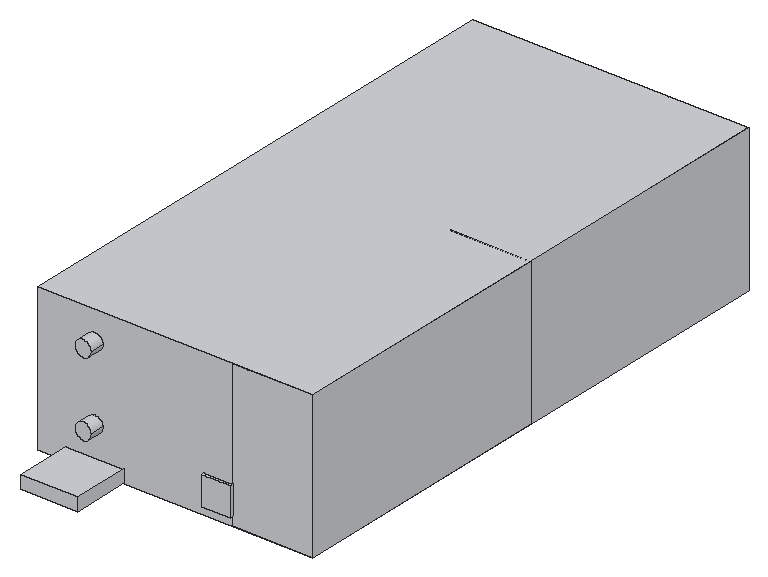
Revit family "Condicionador de ar com Plenum - Sistema Split - Horizontal", category Equipamento mecânico, Revit 2019
Family settings
  Cota do conector redondo = Usar raio
  Tipo de parte = Normal
  ID de item do Seek = Air Handling Unit - Split System - Horizontal-0000-CAN-ENU
  Com base no plano de trabalho = Não
  Sempre na vertical = Sim
  Corte com vazios quando carregada = Não
  Compartilhado = Não
  Ponto de cálculo do ambiente = Não
Parameters (values of type "Padrão")
  Largura = 480 mm
  Watts = 0 W
  Voltagem = 230 V
  Largura do duto de retorno = 450 mm
  Altura do duto de retorno = 229 mm
  Retorno do fluxo de ar [instance] = 0.0 L/s
  Corrente nominal = 0.0 A
  Largura do duto de entrada = 450 mm
  Altura do duto de entrada = 229 mm
  Classificação de carga = Refrigeração
  Fluxo de ar de suprimento secundário [instance] = 361.0 L/s
  Fluxo de ar principal de suprimento [instance] = 361.0 L/s
  Número de pólos = 1
  Comprimento = 950 mm
  Altura = 254 mm
  Largura do duto de descarga = 925 mm
  Altura do duto de descarga = 229 mm
  Raio DX = 14 mm
  Diâmetro DX = Raio DX * 2  # 28 mm
  Capacidade de refrigeração = 0 Btu/h
  Raio da condensação = 11 mm
  Diâmetro da condensação = Raio da condensação * 2  # 22 mm
  Assembly Code = ""
  Carga aparente = 516 VA
  Queda de pressão do ar [instance] = 124.0 Pa
  Material do ar condicionado = none
Reference planes
  plane 1 "Parte frontal": y = 0
  plane 2: z = 0
  plane 3 "Esquerda": x = 0
  plane 4 "Parte posterior": y = 950
  plane 5: z = 254
  plane 6: z = 40.447
  plane 7: x = 315.5
  plane 8 "Centro (Frente/Trás)": y = 475
  plane 9 "Direita": x = 480
  plane 10 "Topo da elétrica": z = 65.447
  plane 11 "Parte inferior da elétrica": z = 15.447
  plane 12: x = 340.5
  plane 13: x = 290.5
  plane 14: x = 50
  plane 15: x = 150
  plane 16: x = 100
  plane 17 "Topo do painel de gotejamento": z = 22
  plane 18 "Frente do painel de gotejamento": y = -100
  plane 19 "Parte inferior do DX": z = 75
  plane 20 "Topo DX": z = 204
  plane 21: z = 127
  plane 22 "Centro (Esquerda/Direita)": x = 240
Forms (mm)
  Extrusion 1, solid, material <- "Material do ar condicionado"
    sketch origin (0, 0, 0) x (1, 0, 0) y (0, 1, 0)
      loop
        line (0, 950) -> (0, 0) -> (480, 0) -> (480, 950) -> (0, 950)
    from 0 to 254
  Extrusion 2, solid, material <- "Material do ar condicionado"
    sketch origin (0, 0, 0) x (1, 0, 0) y (0, 0, 1)
      loop
        line (290.5, 65.447) -> (290.5, 15.447) -> (340.5, 15.447) -> (340.5, 65.447) -> (290.5, 65.447)
    from 0 to 5
  Extrusion 3, solid, material <- "Material do ar condicionado"
    sketch origin (0, 0, 0) x (1, 0, 0) y (0, 1, 0)
      loop
        line (50, 0) -> (50, -100) -> (150, -100) -> (150, 0) -> (50, 0)
    from 0 to 22
  Extrusion 4, solid, material <- "Material do ar condicionado"
    sketch origin (0, 0, 0) x (1, 0, 0) y (0, 0, 1)
      loop
        circle (100, 75) r 14
      loop
        circle (100, 204) r 14
    from 0 to 25
  Extrusion 5, solid, material <- "Material do ar condicionado"
    sketch origin (319.561, 16.748, 0) x (1, 0, 0) y (0, 1, 0)
      loop
        line (20.939, 933.252) -> (20.939, 458.252) -> (160.439, 458.252) -> (160.439, 933.252) -> (20.939, 933.252)
    from 0 to 254
  Extrusion 6, solid, material <- "Material do ar condicionado"
    sketch origin (319.561, 933.252, 0) x (1, 0, 0) y (0, 1, 0)
      loop
        line (20.939, -933.252) -> (160.439, -933.252) -> (160.439, -458.252) -> (20.939, -458.252) -> (20.939, -933.252)
    from 0 to 254
Dimensions and locks
  "Comprimento": plane 1 "Parte frontal" to plane 4 "Parte posterior"
  plane 6 to level = 40.447 mm
  plane 4 "Parte posterior" to plane 8 "Centro (Frente/Trás)" to plane 1 "Parte frontal" = 475 mm, 475 mm
  locked: plane 13 to plane 12 at 50
  locked: plane 10 "Topo da elétrica" to plane 11 "Parte inferior da elétrica" at 50
  equal spacing: plane 10 "Topo da elétrica", plane 6, plane 11 "Parte inferior da elétrica"
  equal spacing: plane 12, plane 7, plane 13
  equal spacing: plane 14, plane 16, plane 15, locked at 50 each
  locked: plane 14 to plane 15 at 100
  locked: plane 18 "Frente do painel de gotejamento" to plane 1 "Parte frontal" at 100
  "Diâmetro da condensação": plane 17 "Topo do painel de gotejamento" to plane 2
  locked: plane 16 to plane 3 "Esquerda" at 100
  equal spacing: plane 5, plane 21, plane 2
  "Altura": plane 5 to plane 2
  locked: plane 5 to plane 20 "Topo DX" at 50
  locked: plane 19 "Parte inferior do DX" to plane 2 at 75
  equal spacing: plane 3 "Esquerda", plane 22 "Centro (Esquerda/Direita)", plane 9 "Direita"
  "Largura": plane 3 "Esquerda" to plane 9 "Direita"
  "Raio DX": radius of Extrusion 4 sketch curve  (x2)
  aligned and locked: plane 3 "Esquerda" to Extrusion 1 sketch curve
  aligned and locked: Extrusion 1 sketch curve to plane 4 "Parte posterior"
  aligned and locked: plane 1 "Parte frontal" to Extrusion 1 sketch curve
  aligned and locked: Extrusion 1 to plane 5  (x2)
  aligned and locked: plane 9 "Direita" to Extrusion 1
  aligned and locked: Extrusion 2 to plane 11 "Parte inferior da elétrica"
  aligned and locked: plane 10 "Topo da elétrica" to Extrusion 2
  aligned and locked: plane 13 to Extrusion 2
  aligned and locked: plane 12 to Extrusion 2
  aligned and locked: plane 17 "Topo do painel de gotejamento" to Extrusion 3
  aligned and locked: Extrusion 3 to plane 14
  aligned and locked: plane 15 to Extrusion 3  (x2)
  aligned and locked: plane 14 to Extrusion 3
  aligned and locked: plane 2 to Extrusion 3
  aligned and locked: Extrusion 3 to plane 17 "Topo do painel de gotejamento"
  aligned and locked: Extrusion 3 to plane 1 "Parte frontal"  (x2)
  aligned and locked: plane 18 "Frente do painel de gotejamento" to Extrusion 3
  aligned and locked: plane 20 "Topo DX" to Extrusion 4 sketch curve
  aligned and locked: plane 16 to Extrusion 4 sketch curve  (x2)
  aligned and locked: plane 19 "Parte inferior do DX" to Extrusion 4 sketch curve
  aligned and locked: Extrusion 5 to plane 8 "Centro (Frente/Trás)"
  aligned and locked: Extrusion 5 to plane 12
  aligned and locked: plane 4 "Parte posterior" to Extrusion 5
  aligned and locked: Extrusion 1 to Extrusion 5
  aligned and locked: plane 8 "Centro (Frente/Trás)" to Extrusion 6
  aligned and locked: plane 9 "Direita" to Extrusion 6
  aligned and locked: plane 1 "Parte frontal" to Extrusion 6
  aligned and locked: Extrusion 6 to plane 12
  aligned and locked: plane 5 to Extrusion 6
  aligned and locked: Extrusion 6 to plane 2
  aligned and locked: Extrusion 5 to plane 2
  aligned and locked: plane 5 to Extrusion 5
Automatic sketch dimensions
  Extrusion 1 sketch curve to plane 9 "Direita" = 0 mm
  Extrusion 2 sketch curve to plane 11 "Parte inferior da elétrica" = 0 mm
  plane 13 to Extrusion 2 sketch curve = 0 mm
  Extrusion 2 sketch curve to plane 12 = 0 mm
  Extrusion 2 sketch curve to plane 10 "Topo da elétrica" = 0 mm
  Extrusion 3 sketch curve to plane 14 = 0 mm
  Extrusion 3 sketch curve to plane 15 = 0 mm
  plane 18 "Frente do painel de gotejamento" to Extrusion 3 sketch curve = 0 mm
  plane 1 "Parte frontal" to Extrusion 3 sketch curve = 0 mm
  Extrusion 5 sketch curve to plane 8 "Centro (Frente/Trás)" = 0 mm
  Extrusion 5 sketch curve to plane 12 = 0 mm
  Extrusion 5 sketch curve to plane 9 "Direita" = 0 mm
  Extrusion 5 sketch curve to plane 4 "Parte posterior" = 0 mm
  Extrusion 6 sketch curve to plane 8 "Centro (Frente/Trás)" = 0 mm
  plane 12 to Extrusion 6 sketch curve = 0 mm
  Extrusion 6 sketch curve to plane 9 "Direita" = 0 mm
  Extrusion 6 sketch curve to plane 1 "Parte frontal" = 0 mm
Connectors
  piping at (125, -100, 11), diameter 22, driven by "Raio da condensação"
    settings: on Extrusion 3, index 7, connector inside diameter 22 mm, connector length 0 mm, flow factor 0, pipe flow 0.0 L/s, pressure drop 0.0 Pa, fitting loss kfactor 0, connector angle 0.00°, fixture units 0, engagement length 0 mm, angle of deflection 0.00°, flow configuration 1, flow direction 2, fitting loss method 0, system type 16, joint type 0, gender type 0, connector reference index -1, connector utility 0, adjustable connector yes, is connector primary yes, connector description "Dreno de condensação 2"
  piping at (75, -100, 11), diameter 22, driven by "Raio da condensação"
    settings: on Extrusion 3, index 8, connector inside diameter 22 mm, connector length 0 mm, flow factor 0, pipe flow 0.0 L/s, pressure drop 0.0 Pa, fitting loss kfactor 0, connector angle 0.00°, fixture units 0, engagement length 0 mm, angle of deflection 0.00°, flow configuration 1, flow direction 2, fitting loss method 0, system type 16, joint type 0, gender type 0, connector reference index -1, connector utility 0, adjustable connector no, is connector primary no, connector description "Dreno de condensação 1"
  piping at (100, -25, 75), diameter 28, driven by "Raio DX"
    settings: on Extrusion 4, index 9, connector inside diameter 28 mm, connector length 0 mm, flow factor 0, pipe flow 0.0 L/s, pressure drop 0.0 Pa, fitting loss kfactor 0, connector angle 0.00°, fixture units 0, engagement length 0 mm, angle of deflection 0.00°, flow configuration 1, flow direction 1, fitting loss method 0, system type 22, joint type 0, gender type 0, connector reference index 10, connector utility 0, adjustable connector no, is connector primary no, connector description "Entrada do refrigerante"
  piping at (100, -25, 204), diameter 28, driven by "Raio DX"
    settings: on Extrusion 4, index 10, connector inside diameter 28 mm, connector length 0 mm, flow factor 0, pipe flow 0.0 L/s, pressure drop 0.0 Pa, fitting loss kfactor 0, connector angle 0.00°, fixture units 0, engagement length 0 mm, angle of deflection 0.00°, flow configuration 1, flow direction 2, fitting loss method 0, system type 22, joint type 0, gender type 0, connector reference index 9, connector utility 0, adjustable connector no, is connector primary no, connector description "Saída do refrigerante"
  hvac at (0, 475, 127), driven by "Queda de pressão do ar", driven by "Fluxo de ar de suprimento secundário", driven by "Altura do duto de descarga", driven by "Largura do duto de descarga"
    settings: on Extrusion 1, index 11, duct flow 361.0 L/s, flow factor 0, pres drop 124.0 Pa, loss coef 0, conn angle 0.00°, conn width 925 mm, conn height 229 mm, conn diameter 609.6 mm, duct sys type 1, conn prof type 1, flow config 0, flow direction 2, loss method 4, conn ref index 16, conn util no, is conn primary yes, conn desc "Suprimento de ar secundário"
  electrical at (315.5, -5, 40.447), driven by "Número de pólos", driven by "Classificação de carga", driven by "Voltagem", driven by "Carga aparente"
    settings: on Extrusion 2, index 13, voltage 230 V, apparent load 516 VA, apparent load phase1 0 VA, apparent load phase2 0 VA, apparent load phase3 0 VA, power factor 0.8, load classification "Refrigeração", number of poles 1, system type 30, power factor state 1, is connector primary yes, connector utility no, sub classification motor no, connector description "Potência"
  hvac at (480, 712.5, 127), driven by "Retorno do fluxo de ar", driven by "Altura do duto de retorno", driven by "Largura do duto de retorno"
    settings: on Extrusion 5, index 15, duct flow 0.0 L/s, flow factor 0, pres drop 0.0 Pa, loss coef 0, conn angle 0.00°, conn width 450 mm, conn height 229 mm, conn diameter 609.6 mm, duct sys type 2, conn prof type 1, flow config 0, flow direction 1, loss method 0, conn ref index -1, conn util no, is conn primary no, conn desc "Entrada de retorno de ar"
  hvac at (480, 237.5, 127), driven by "Fluxo de ar principal de suprimento", driven by "Altura do duto de entrada", driven by "Largura do duto de entrada"
    settings: on Extrusion 6, index 16, duct flow 361.0 L/s, flow factor 0, pres drop 0.0 Pa, loss coef 0, conn angle 0.00°, conn width 450 mm, conn height 229 mm, conn diameter 609.6 mm, duct sys type 1, conn prof type 1, flow config 0, flow direction 1, loss method 0, conn ref index 11, conn util no, is conn primary no, conn desc "Suprimento principal de ar"
Types in the file's own list only (2): name | Largura | Watts | Corrente nominal | Comprimento | Altura | Capacidade de refrigeração
  48000 btu/h | 759 mm | 660 W | 3.0 A | 1107 mm | 408 mm | 48000 Btu/h
  60000 btu/h | 759 mm | 836 W | 3.8 A | 1250 mm | 408 mm | 60000 Btu/h
